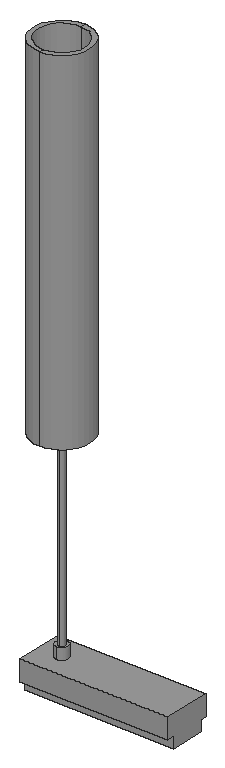
Revit family "Alcon - 15100_Suspended-Disc", category Lighting Fixtures, host Face, Revit 2025
Family settings
  Host = Face
  Round Connector Dimension = Use Diameter
  Part Type = Normal
  Cut with Voids When Loaded = No
  Light Source = Yes
  Maintain Annotation Orientation = No
  Shared = No
  Room Calculation Point = No
Parameters
  Wattage = 9.2903 W
  built-in parameter 1150110 = 1 (stored number, unit not read)
  built-in parameter 1114217 = 1 (stored number, unit not read)
  Tilt Angle = 60.00°
  built-in parameter 1150109 = 1 (stored number, unit not read)
  built-in parameter 1150134 = 3
  built-in parameter 1150113 = 1 (stored number, unit not read)
  built-in parameter 1010507 = 1.5708 (stored number, unit not read)
  built-in parameter 1010506 = 0.5236 (stored number, unit not read)
  built-in parameter 1150105 = 4614.1 (stored number, unit not read)
  Lumens = 1380 lm
  built-in parameter 1150115 = 1 (stored number, unit not read)
  Light Source Symbol Length = 10' - 0"
  built-in parameter 1150137 = (empty or 0)
  built-in parameter 1150139 = (empty or 0)
  built-in parameter 1150112 = 1 (stored number, unit not read)
  built-in parameter 1150114 = 1 (stored number, unit not read)
  built-in parameter 1150132 = (empty or 0)
  built-in parameter 1150102 = (empty or 0)
  built-in parameter 1150107 = 3200 (stored number, unit not read)
  built-in parameter 1150138 = (empty or 0)
  built-in parameter 1150106 = 46.141 (stored number, unit not read)
  HOUSING = Default
  Fixture Rotation = 90.00°
  built-in parameter 1150104 = 13.8 (stored number, unit not read)
  Dimming Lamp Color Temperature Shift = (empty or 0)
  Default Elevation = 4' - 0"
  Color Filter = 16777215
  built-in parameter 1114218 = 1 (stored number, unit not read)
  built-in parameter 1150133 = 10 (stored number, unit not read)
  Adjustable Length = 0' - 5"
Reference planes (in)
  plane 1 "Center (Front/Back)": y = 0
  plane 2: z = 0
  plane 3 "Center (Left/Right)": x = 0
Forms (in)
  Extrusion 1, solid, material "Default" <- "HOUSING"
    sketch origin (-0.64495, -6.99033, 6.35123) x (0, -1, 0) y (0, 0, -1)
      loop
        line (-6.34033, 5.36282) -> (-6.34033, 5.93211) -> (-6.51937, 5.93211) -> (-6.51937, 6.23212) -> (-7.46129, 6.23212) -> (-7.46129, 5.93211) -> (-7.64033, 5.93211) -> (-7.64033, 5.36282) -> (-6.34033, 5.36282)
    from 0 to 4.13
  Revolve 2, solid, material "Default" <- "HOUSING"
    sketch origin (0, 0, 0) x (0, 1, 0) y (0, 0, 1)
      loop
        line (0, 0.98841) -> (0, 1.28553) -> (-0.17498, 1.28553) -> (-0.17498, 0.98841) -> (0, 0.98841)
      axis (0, 0.98841) -> (0, 1.28553)
    angle from 0 to 360
  Revolve 3, solid, material "Default" <- "HOUSING"
    sketch origin (0, 0, 7.57105) x (0, 1, 0) y (0, 0, 1)
      loop
        line (0, -0.98841) -> (-0.17498, -0.98841) -> (-0.17498, -1.28553) -> (0, -1.28553) -> (0, -0.98841)
      axis (0, -0.98841) -> (0, -1.28553)
    angle from 0 to 360
  Revolve 4, solid, material "Default" <- "HOUSING"
    sketch origin (0, 0, 0) x (0, 1, 0) y (0, 0, 1)
      loop
        line (-0.08398, 6.28553) -> (-0.08398, 1.28553) -> (0, 1.28553) -> (0, 6.28553) -> (-0.08398, 6.28553)
      axis (0, 6.28553) -> (0, 1.28553)
    angle from 0 to 360
  Revolve 5, solid, material "Default" <- "HOUSING"
    sketch origin (0, 0, 0) x (0, 1, 0) y (0, 0, 1)
      loop
        line (0, 6.58264) -> (0, 13.70764) -> (-0.66, 13.70764) -> (-0.66, 16.42264) -> (-0.785, 16.42264) -> (-0.785, 6.58264) -> (0, 6.58264)
      axis (0, 6.58264) -> (0, 16.42264)
    angle from 0 to 360
Dimensions and locks (in)
  aligned and locked: plane 2 to host face
  aligned and locked: level to host face
